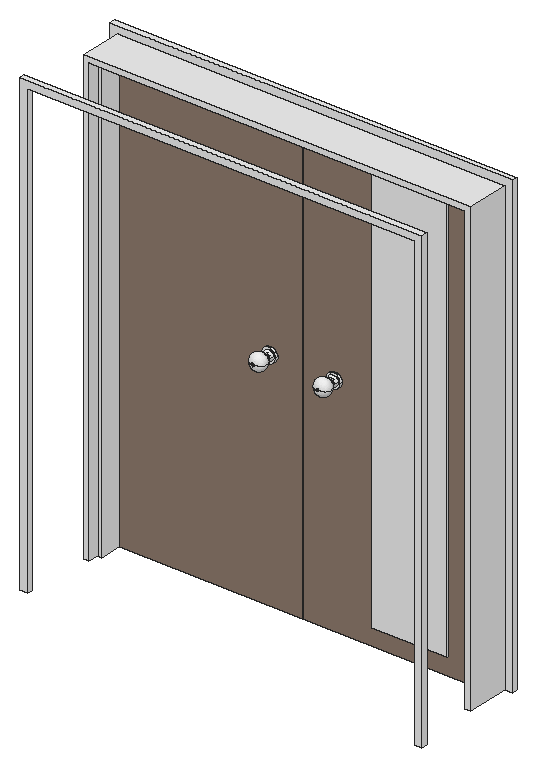
Revit family "0029_M_DR_W_MR_2단방화문_코어용", category 문, Revit 2026
Family settings
  호스트 = 벽
  항상 수직 = 예
  로드될 때 보이드를 사용하여 절단 = 아니오
  공유 = 아니오
  룸 계산 점 = 아니오
Parameters (values of type "1800x2100")
  기능 = 내부
  swing_angle [instance] = 90.00°
  decoration_material = Metal_door_frame
  Seond_door_panel_width = Second_door_width - 25 mm  # 875 mm
  Second_door_width = 900 mm
  Panel_Material = Panel_Door_frame
  Handel_Material = Metal_door_frame
  Frame_material = Metal_door_frame
  Frame Projection Ext. = 25 mm
  Frame Projection Int. = 25 mm
  Frame Width = 35 mm
  높이 = 2100 mm
  벽 마무리 = 호스트별
  폭 = 1800 mm
  Door_Panel_Width = 폭 - (Second_door_width) - 25 mm  # 875 mm
  Assembly Code = ""
Types (2, lengths in mm): name | 폭 | Door_Panel_Width
  1800x2100 | 1800 | 875
  2300x2100 | 2300 | 1375
Reference planes
  plane 1: y = 0
  plane 2 "Center (Left/Right)": x = 0
  plane 3 "Left": x = -900
  plane 4 "Right": x = 900
  plane 5: z = 2100
  plane 6 "Exterior": y = 250
  plane 7 "Interior": y = -250
  plane 8 "handle": z = 1050
  plane 9: x = 0
Forms (mm)
  Extrusion 1, solid, material "Metal_door_frame" <- "Frame_material"
    sketch origin (-3050, -250, 0) x (1, 0, 0) y (0, 0, 1)
      loop
        line (2115, 0) -> (2150, 0) -> (2150, 2100) -> (3950, 2100) -> (3950, 0) -> (3985, 0) -> (3985, 2135) -> (2115, 2135) -> (2115, 0)
    from 0 to 25
  Extrusion 2, solid, material "Metal_door_frame" <- "Frame_material"
    sketch origin (-3050, 250, 0) x (-1, 0, 0) y (0, 0, 1)
      loop
        line (-2150, 0) -> (-2115, 0) -> (-2115, 2135) -> (-3985, 2135) -> (-3985, 0) -> (-3950, 0) -> (-3950, 2100) -> (-2150, 2100) -> (-2150, 0)
    from 0 to 25
  Sweep 3, solid, material "Metal_door_frame" <- "Frame_material"
    path origin (0, 250, 0) x (1, 0, 0) y (0, 0, 1)
      loop
        line (900, 0) -> (900, 2100) -> (-900, 2100) -> (-900, 0)
    profile origin (900, 250, 1050) x (-1, 0, 0) y (0, -1, 0)
      loop
        line (45, 50) -> (45, 150) -> (25, 150) -> (25, 200) -> (0, 200) -> (0, 0) -> (25, 0) -> (25, 50) -> (45, 50)
  Extrusion 4, solid, material "Panel_Door_frame" <- "Panel_Material"
    sketch origin (-15, 250, 0) x (1, 0, 0) y (0, 0, 1)
      loop
        line (890, 2075) -> (15, 2075) -> (15, 0) -> (890, 0) -> (890, 2075)
    from 0 to 50
  Revolve 5, solid, material "Metal_door_frame" <- "Handel_Material"
    sketch origin (0, 0, 1050) x (1, 0, 0) y (0, 1, 0)
      loop
        line (117.292, 250) -> (150, 250) -> (150, 344.095) -> (142.422, 344.095) -> (142.422, 349.095)
        arc (142.422, 349.095) -> (112.422, 319.095) -> (142.422, 289.095) r 30
        line (142.422, 289.095) -> (142.422, 274.095) -> (132.422, 274.095) -> (127.292, 260) -> (117.292, 260) -> (117.292, 250)
      loop
        line (117.292, 200) -> (117.292, 190) -> (127.292, 190) -> (132.422, 175.905) -> (142.422, 175.905) -> (142.422, 160.905)
        arc (142.422, 160.905) -> (112.422, 130.905) -> (142.422, 100.905) r 30
        line (142.422, 100.905) -> (142.422, 105.905) -> (150, 105.905) -> (150, 200) -> (117.292, 200)
      axis (150, 349.095) -> (150, 100.905)
    angle from 0 to 360
  Extrusion 6, solid, material "Metal_door_frame" <- "decoration_material"
    sketch origin (0, 250, 0) x (1, 0, 0) y (0, 0, 1)
      loop
        line (325, 1995) -> (325, 80) -> (675, 80) -> (675, 1995) -> (325, 1995)
    from 0 to -5
  Extrusion 7, solid, material "Metal_door_frame" <- "decoration_material"
    sketch origin (0, 50, 0) x (1, 0, 0) y (0, 0, -1)
      loop
        line (325, -1995) -> (675, -1995) -> (675, -80) -> (325, -80) -> (325, -1995)
    from 150 to 145
  Extrusion 8, solid, material "Panel_Door_frame" <- "Panel_Material"
    sketch origin (0, 250, 0) x (1, 0, 0) y (0, 0, 1)
      loop
        line (0, 2075) -> (-875, 2075) -> (-875, 0) -> (0, 0) -> (0, 2075)
    from 0 to 50
  Revolve 9, solid, material "Metal_door_frame" <- "Handel_Material"
    sketch origin (-400, 0, 1050) x (-1, 0, 0) y (0, 1, 0)
      loop
        line (-282.708, 250) -> (-250, 250) -> (-250, 344.095) -> (-257.578, 344.095) -> (-257.578, 349.095)
        arc (-257.578, 349.095) -> (-287.578, 319.095) -> (-257.578, 289.095) r 30
        line (-257.578, 289.095) -> (-257.578, 274.095) -> (-267.578, 274.095) -> (-272.708, 260) -> (-282.708, 260) -> (-282.708, 250)
      loop
        line (-282.708, 200) -> (-282.708, 190) -> (-272.708, 190) -> (-267.578, 175.905) -> (-257.578, 175.905) -> (-257.578, 160.905)
        arc (-257.578, 160.905) -> (-287.578, 130.905) -> (-257.578, 100.905) r 30
        line (-257.578, 100.905) -> (-257.578, 105.905) -> (-250, 105.905) -> (-250, 200) -> (-282.708, 200)
      axis (-250, 349.095) -> (-250, 100.905)
    angle from 0 to 360
Lines and regions (mm)
  Opening 1
    outline origin (-3050, -250, 0) x (1, 0, 0) y (0, 0, 1)
      loop
        line (2150, 0) -> (3950, 0) -> (3950, 2100) -> (2150, 2100) -> (2150, 0)
  symbolic lines, style "Elevation Swing"
    curve 1: line (900, -250, 1050) -> (287.5, -250, 2100)
    curve 2: line (900, -250, 1050) -> (-900, -250, 0)
    curve 3: line (-900, 250, 0) -> (900, 250, 1050)
    curve 4: line (900, 250, 1050) -> (-900, 250, 4135.714)
  symbolic lines, style "Plan Swing"
    curve 5: line (825, 1125, 0) -> (825, 250, 0)
    curve 6: line (875, 1125, 0) -> (825, 1125, 0)
    curve 7: line (875, 250, 0) -> (875, 1125, 0)
    curve 8: line (825, 250, 0) -> (875, 250, 0)
    curve 9: arc (875, 1125, 0) -> (256.282, 868.718, 0) -> (0, 250, 0) r 875
    curve 10: line (-875, 250, 0) -> (-825, 250, 0)
    curve 11: line (-875, 1125, 0) -> (-875, 250, 0)
    curve 12: line (-825, 1125, 0) -> (-875, 1125, 0)
    curve 13: line (-825, 250, 0) -> (-825, 1125, 0)
    curve 14: arc (-875, 1125, 0) -> (-256.282, 868.718, 0) -> (0, 250, 0) r 875
  symbolic lines
    curve 15: line (-900, 250, 0) -> (900, 250, 0)
    curve 16: line (-900, -250, 0) -> (900, -250, 0)
Text (mm)
  text "Exterior" at (-2295.016, 1099.543, 0), in view "Ref. Level"
  text "Exterior" at (0, 1615.38, 3698.081), in view "Left"
  text "Exterior" at (0, 1036.032, 3874.932), in view "Right"
Dimensions and locks
  equal spacing: plane 3 "Left", plane 2 "Center (Left/Right)", plane 4 "Right"
  "폭": plane 3 "Left" to plane 4 "Right"
  "높이": plane 5 to host wall
  equal spacing: host wall, curve 2, plane 5
  equal spacing: host wall, curve 4, plane 5
  "Frame Projection Ext.": Extrusion 2 to Extrusion 2
  "Frame Projection Int.": Extrusion 1 to Extrusion 1
  "Frame Width": plane 3 "Left" to Extrusion 1 sketch curve
  "Frame Width": plane 4 "Right" to Extrusion 1 sketch curve
  "Frame Width": Extrusion 1 sketch curve to plane 5
  "Frame Width": plane 4 "Right" to Extrusion 2 sketch curve
  "Frame Width": plane 3 "Left" to Extrusion 2 sketch curve
  "Frame Width": plane 5 to Extrusion 2 sketch curve
  locked: plane 6 "Exterior" to host wall at 0
  locked: plane 7 "Interior" to host wall
  locked: Sweep 3 sketch curve to Sweep 3 sketch curve at 200
  locked: Sweep 3 sketch curve to Sweep 3 sketch curve at 50
  locked: Sweep 3 sketch curve to Sweep 3 sketch curve at 100
  locked: curve 5 to curve 7 at 50
  "Door_Panel_Width": curve 8 to curve 6
  level to plane 5 = 2100 mm
  equal spacing: level, plane 8 "handle", plane 5
  locked: Extrusion 6 sketch curve to Extrusion 4 at 80
  locked: Extrusion 4 to Extrusion 6 sketch curve at 200
  locked: Extrusion 4 to Extrusion 6 sketch curve at 80
  locked: Extrusion 6 sketch curve to Extrusion 6 sketch curve at 350
  locked: Extrusion 7 sketch curve to Extrusion 7 sketch curve at 350
  locked: Extrusion 6 to Extrusion 4 at 5
  locked: Extrusion 7 to Extrusion 7 at 5
  "Second_door_width": plane 3 "Left" to plane 9
  locked: plane 9 to Revolve 5 sketch curve at 150
  locked: curve 11 to curve 13 at 50
  "Seond_door_panel_width": plane 6 "Exterior" to curve 12
  aligned and locked: plane 3 "Left" to Opening 1 sketch curve
  aligned and locked: plane 5 to Opening 1 sketch curve  (x2)
  aligned and locked: Opening 1 sketch curve to plane 4 "Right"
  aligned and locked: Opening 1 sketch curve to level
  aligned and locked: level to Extrusion 1 sketch curve
  aligned and locked: plane 5 to Extrusion 1 sketch curve  (x2)
  aligned and locked: Extrusion 1 sketch curve to plane 4 "Right"
  aligned and locked: plane 3 "Left" to Extrusion 1 sketch curve
  aligned and locked: plane 3 "Left" to Extrusion 2 sketch curve
  aligned and locked: plane 5 to Extrusion 2 sketch curve  (x2)
  aligned and locked: level to Extrusion 2 sketch curve
  aligned and locked: plane 5 to curve 1
  aligned and locked: plane 3 "Left" to curve 2
  aligned and locked: plane 1 to host wall
  aligned and locked: Extrusion 4 to plane 6 "Exterior"
  aligned and locked: Extrusion 6 to Extrusion 4
  aligned and locked: Extrusion 7 to Extrusion 4
  aligned and locked: Extrusion 6 to Extrusion 7
  aligned and locked: Revolve 5 sketch curve to Extrusion 4
  aligned and locked: Sweep 3 to Extrusion 4
  aligned and locked: Extrusion 4 to plane 9
  aligned and locked: Revolve 5 sketch curve to Revolve 5 sketch curve  (x2)
  aligned and locked: Extrusion 4 to Extrusion 8 sketch curve
  aligned and locked: Extrusion 8 sketch curve to Sweep 3  (x2)
  aligned and locked: Extrusion 8 sketch curve to Extrusion 4
  aligned and locked: Extrusion 8 sketch curve to plane 9
  aligned and locked: Revolve 9 sketch curve to Revolve 9 sketch curve  (x2)
Automatic sketch dimensions
  curve 4 to plane 3 "Left" = 0 mm
  curve 3 to level = 0 mm
  curve 2 to level = 0 mm
  curve 3 to plane 3 "Left" = 0 mm
  curve 3 to plane 4 "Right" = 0 mm
  curve 2 to plane 4 "Right" = 0 mm
  Extrusion 1 sketch curve to level = 0 mm
  Extrusion 2 sketch curve to plane 4 "Right" = 0 mm
  Extrusion 2 sketch curve to level = 0 mm
  Sweep 3 sketch curve to plane 3 "Left" = 0 mm
  Sweep 3 sketch curve to plane 4 "Right" = 0 mm
  Sweep 3 sketch curve to level = 0 mm  (x2)
  Sweep 3 sketch curve to plane 5 = 0 mm
  Sweep 3 sketch curve to plane 6 "Exterior" = 0 mm
  Sweep 3 sketch curve to profile plane = 0 mm
  Sweep 3 sketch curve to Sweep 3 sketch curve = 25 mm  (x2)
  Sweep 3 sketch curve to Sweep 3 sketch curve = 20 mm
  curve 16 to host wall = 0 mm
  curve 16 to plane 3 "Left" = 0 mm
  curve 15 to host wall = 0 mm
  curve 15 to plane 3 "Left" = 0 mm
  curve 11 to host wall = 0 mm
  curve 14 to plane 9 = 0 mm
  curve 9 to plane 9 = 0 mm
  curve 5 to host wall = 0 mm
  curve 16 to plane 4 "Right" = 0 mm
  curve 15 to plane 4 "Right" = 0 mm
  Extrusion 4 sketch curve to plane 9 = 0 mm
  Extrusion 4 sketch curve to level = 0 mm
  plane 4 "Right" to Extrusion 4 sketch curve = 25 mm
  plane 5 to Extrusion 4 sketch curve = 25 mm
  Revolve 5 sketch curve to host wall = 0 mm
  Revolve 5 sketch curve to Revolve 5 sketch curve = 7.578 mm  (x2)
  host wall to Revolve 5 sketch curve = 24.095 mm
  Revolve 5 sketch curve to Revolve 5 sketch curve = 10 mm  (x5)
  Revolve 5 sketch curve to Revolve 5 sketch curve = 5.13 mm  (x2)
  Revolve 5 sketch curve to Revolve 5 sketch curve = 14.095 mm
  Revolve 5 sketch curve to Revolve 5 sketch curve = 15 mm  (x2)
  Revolve 5 sketch curve to Revolve 5 sketch curve = 30 mm  (x2)
  Revolve 5 sketch curve to Revolve 5 sketch curve = 5 mm  (x2)
  host wall to Revolve 5 sketch curve = 171.598 mm
  host wall to Revolve 5 sketch curve = 10 mm
  Revolve 5 sketch curve to Revolve 5 sketch curve = 164.306 mm
  level to Extrusion 7 sketch curve = 80 mm
  plane 2 "Center (Left/Right)" to Extrusion 7 sketch curve = 325 mm
  plane 5 to Extrusion 7 sketch curve = 105 mm
  Revolve 9 sketch curve to host wall = 0 mm
  plane 9 to Revolve 9 sketch curve = 117.292 mm
  Revolve 9 sketch curve to Revolve 9 sketch curve = 0 mm
  Revolve 9 sketch curve to host wall = 10 mm
  Revolve 9 sketch curve to Revolve 9 sketch curve = 10 mm  (x5)
  host wall to Revolve 9 sketch curve = 60 mm
  Revolve 9 sketch curve to Revolve 9 sketch curve = 5.13 mm  (x2)
  plane 9 to Revolve 9 sketch curve = 150 mm
  Revolve 9 sketch curve to Revolve 9 sketch curve = 14.095 mm  (x2)
  Revolve 9 sketch curve to Revolve 9 sketch curve = 15 mm  (x2)
  Revolve 9 sketch curve to Revolve 9 sketch curve = 30 mm  (x2)
  Revolve 9 sketch curve to Revolve 9 sketch curve = 5 mm  (x2)
  Revolve 9 sketch curve to host wall = 171.598 mm
  Revolve 9 sketch curve to Revolve 9 sketch curve = 164.306 mm
